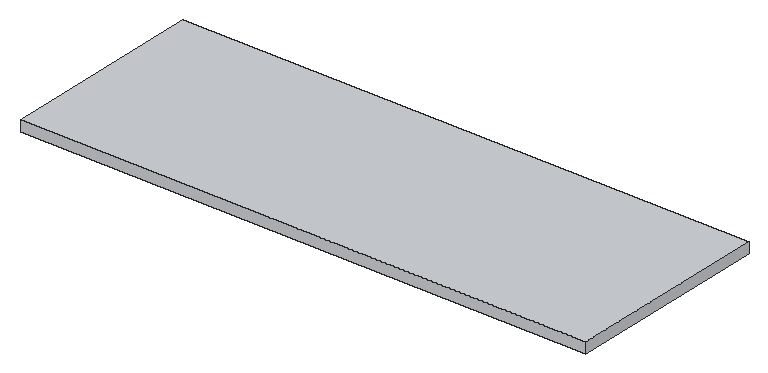
Revit family "Shelf", category Furniture, Revit 2016
Family settings
  OmniClass Number = 23.40.20.00
  OmniClass Title = General Furniture and Specialties
  Work Plane-Based = No
  Always vertical = Yes
  Cut with Voids When Loaded = No
  Shared = No
  Room Calculation Point = No
Parameters
  Shelf Width = 770 mm
  Shelf Thickness = 15 mm
  Shelf Material = Oak
  Shelf Depth = 277 mm
Reference planes
  plane 1 "Center (Front/Back)": y = 0
  plane 2: z = 0
  plane 3 "Center (Left/Right)": x = 0
Forms (mm)
  Extrusion 1, solid
    sketch origin (0, 0, 0) x (1, 0, 0) y (0, 1, 0)
      loop
        line (-385, 0) -> (-385, -277) -> (385, -277) -> (385, 0) -> (-385, 0)
    from 0 to 15 <- "Shelf Thickness"
  Extrusion 2, solid
    sketch origin (0, 0, 0) x (0, -1, 0) y (1, 0, 0)
      loop
        line (0, -385) -> (277, -385) -> (277, 385) -> (0, 385) -> (0, -385)
    from 0 to 15 <- "Shelf Thickness"
Lines and regions (mm)
  reference lines
    curve 1: line (-385, -1434.717, 0) -> (-385, 1482.579, 0)
    curve 2: line (385, 1482.579, 0) -> (385, -1434.717, 0)
    curve 3: line (1441.329, -277, 0) -> (-1335.933, -277, 0)
Dimensions and locks
  "Shelf Depth": curve 3 to plane 1 "Center (Front/Back)"
  equal spacing: curve 1, plane 3 "Center (Left/Right)", curve 2
  "Shelf Width": curve 1 to curve 2
  aligned and locked: level to plane 2
Automatic sketch dimensions
  plane 1 "Center (Front/Back)" to curve 2 = 1434.717 mm
  plane 1 "Center (Front/Back)" to curve 3 = 277 mm
  curve 3 to plane 3 "Center (Left/Right)" = 1335.933 mm
  plane 3 "Center (Left/Right)" to curve 3 = 1441.329 mm
  curve 1 to curve 2 = 0 mm  (x2)
  curve 2 to plane 1 "Center (Front/Back)" = 1482.579 mm
  plane 1 "Center (Front/Back)" to Extrusion 1 sketch curve = 0 mm
  Extrusion 1 sketch curve to plane 3 "Center (Left/Right)" = 385 mm
  plane 3 "Center (Left/Right)" to Extrusion 1 sketch curve = 385 mm
  plane 1 "Center (Front/Back)" to Extrusion 1 sketch curve = 277 mm
  plane 1 "Center (Front/Back)" to Extrusion 2 sketch curve = 0 mm
  plane 1 "Center (Front/Back)" to Extrusion 2 sketch curve = 277 mm
  Extrusion 2 sketch curve to plane 3 "Center (Left/Right)" = 385 mm
  plane 3 "Center (Left/Right)" to Extrusion 2 sketch curve = 385 mm
